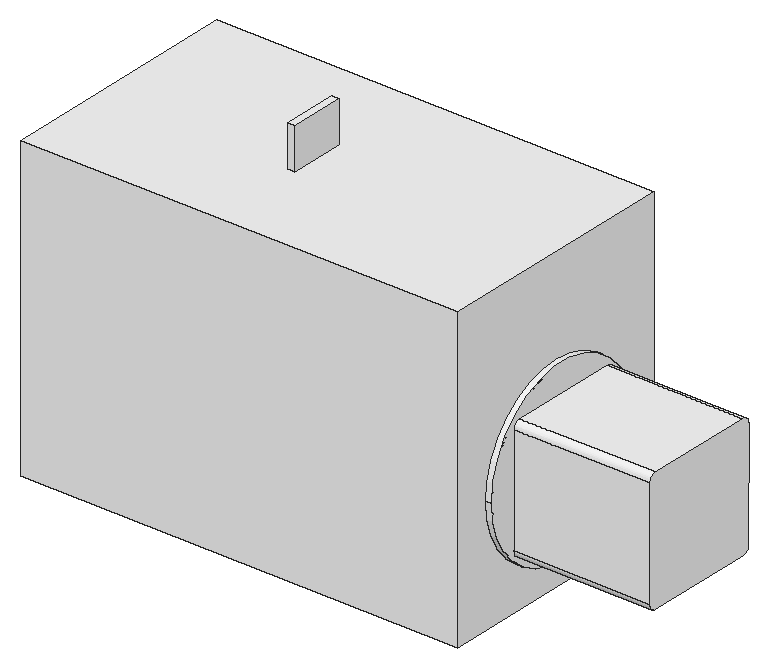
Revit family "Holocom-SDS Connector-2015", category Security Devices, host Face, Revit 2015
Parameters (values of type "SDS_Universal Connector")
  Universal Connector = yes
  URL = "www.holocom.com"
  Run End = no
  Product Page URL = "http://www.holocom.com/pdfs/Product%20files/Secure%20Raceway/SDS-CT-UNI.pdf"
  Product Notes = ""
  Offset 8" = no
  Offset 4" = no
  Material = Holocom_WhiteTextured
  Interface Sleeve = no
  3-way = no
  3-way Reducing = no
  Offset = 0' - 1"
  Model = "SDS-CT-UNI"
  Manufacturer = "Holocom"  # constant formula
  3-way Internal = no
  Interface Sleeve 90 = no
  Default Elevation = 4' - 0"
  90 Deg Internal = no
  90 Deg = no
  45 Deg Internal = no
  45 Deg External = no
  3-way Run End = no
Types (14): name | Universal Connector | Run End | Product Page URL | Product Notes | Offset 8" | Offset 4" | Material | Interface Sleeve | 3-way | 3-way Reducing | Model | 3-way Internal | Interface Sleeve 90 | 90 Deg Internal | 90 Deg | 45 Deg Internal | 45 Deg External | 3-way Run End
  SDS_90 Deg Connector | no | no | "http://www.holocom.com/pdfs/Product%20files/Secure%20Raceway/SDS-CT-090.pdf" | "" | no | no | none | no | no | no | "SDS-CT-090" | no | no | no | yes | no | no | no
  SDS_3-way Reducing Connector | no | no | "http://www.holocom.com/pdfs/Product%20files/Secure%20Mini%20Dukt/SMD-CT-3WY.pdf" | "Connectection to MiniDukt" | no | no | none | no | no | yes | "SMD-CT-3WY" | no | no | no | no | no | no | no
  SDS_3-way Connector | no | no | "http://www.holocom.com/pdfs/Product%20files/Secure%20Raceway/SDS-CT-3WY.pdf" | "" | no | no | none | no | yes | no | "SDS-CT-3WY" | no | no | no | no | no | no | no
  SDS_3-way Internal Connector | no | no | "http://www.holocom.com/pdfs/Product%20files/Secure%20Raceway/SDS-CT-3IN.pdf" | "" | no | no | none | no | no | no | "SDS-CT-3IN" | yes | no | no | no | no | no | no
  SDS_3-way Run End Connector | no | no | "http://www.holocom.com/pdfs/Product%20files/Secure%20Mini%20Dukt/SMD-3WY-REC-LT-RT.pdf" | "Connection to MiniDukt" | no | no | none | no | no | no | "SMD-3WY-REC-LT-RT" | no | no | no | no | no | no | yes
  SDS_90 Deg Internal Connector | no | no | "http://www.holocom.com/pdfs/Product%20files/Secure%20Raceway/SDS-CT-90i.pdf" | "" | no | no | none | no | no | no | "SDS-CT-90i" | no | no | yes | no | no | no | no
  SDS_45 Deg External Connector | no | no | "http://www.holocom.com/pdfs/Product%20files/Secure%20Raceway/SDS-CT-45E.pdf" | "" | no | no | none | no | no | no | "SDS-CT-45e" | no | no | no | no | no | yes | no
  SDS_45 Deg Internal Connector | no | no | "http://www.holocom.com/pdfs/Product%20files/Secure%20Raceway/SDS-CT-45i.pdf" | "" | no | no | none | no | no | no | "SDS-CT-45i" | no | no | no | no | yes | no | no
  SDS_Interface Sleeve 90 | no | no | "http://www.holocom.com/pdfs/Product%20files/Secure%20Raceway/SDS-CT-INF-90.pdf" | "" | no | no | none | no | no | no | "SDS-CT-INF-90" | no | yes | no | no | no | no | no
  SDS_Offset 4" Connector | no | no | "http://www.holocom.com/pdfs/Product%20files/Secure%20Raceway/SDS-CT-OFF-04.pdf" | "" | no | yes | none | no | no | no | "SDS-CT-OFF-04" | no | no | no | no | no | no | no
  SDS_Offset 8" Connector | no | no | "http://www.holocom.com/pdfs/Product%20files/Secure%20Raceway/SDS-CT-OFF-08.pdf" | "" | yes | no | none | no | no | no | "SDS-CT-OFF-08" | no | no | no | no | no | no | no
  SDS_Run End Connector | no | yes | "http://www.holocom.com/pdfs/Product%20files/Secure%20Mini%20Dukt/SDS-WM-REC.pdf" | "" | no | no | none | no | no | no | "SDS-WM-REC" | no | no | no | no | no | no | no
  SDS_Interface Sleeve | no | no | "http://www.holocom.com/pdfs/Product%20files/Secure%20Raceway/SDS-CT-INF-ST.pdf" | "" | no | no | none | yes | no | no | "SDS-CT-INF-ST" | no | no | no | no | no | no | no
  SDS_Universal Connector | yes | no | "http://www.holocom.com/pdfs/Product%20files/Secure%20Raceway/SDS-CT-UNI.pdf" | "" | no | no | Holocom_WhiteTextured | no | no | no | "SDS-CT-UNI" | no | no | no | no | no | no | no
Reference planes (in)
  plane 1 "Center (Front/Back)": y = 0
  plane 2: z = 0
  plane 3 "Center (Left/Right)": x = 0.4599377
  plane 4: z = 1
Dimensions and locks (in)
  "Offset": plane 4 to plane 2
  aligned and locked: plane 2 to host face
  aligned and locked: level to host face
  aligned and locked: plane 4 to nested 1
  aligned and locked: plane 3 "Center (Left/Right)" to nested 8
  aligned and locked: plane 3 "Center (Left/Right)" to nested 5
  aligned and locked: plane 3 "Center (Left/Right)" to nested 6
  aligned and locked: plane 3 "Center (Left/Right)" to nested 11
  aligned and locked: nested 5 to plane 3 "Center (Left/Right)"
  aligned and locked: plane 3 "Center (Left/Right)" to nested 1
  aligned and locked: plane 3 "Center (Left/Right)" to nested 7
  aligned and locked: plane 3 "Center (Left/Right)" to nested 2
  aligned and locked: nested 10 to plane 3 "Center (Left/Right)"
  aligned and locked: plane 3 "Center (Left/Right)" to nested 3
  aligned and locked: plane 3 "Center (Left/Right)" to nested 9
  aligned and locked: plane 3 "Center (Left/Right)" to nested 12
  aligned and locked: plane 3 "Center (Left/Right)" to nested 4
  aligned and locked: nested 5 to plane 1 "Center (Front/Back)"
  aligned and locked: plane 1 "Center (Front/Back)" to nested 8
  aligned and locked: plane 1 "Center (Front/Back)" to nested 1
  aligned and locked: plane 1 "Center (Front/Back)" to nested 6
  aligned and locked: nested 11 to plane 1 "Center (Front/Back)"
  aligned and locked: plane 1 "Center (Front/Back)" to nested 7
  aligned and locked: plane 1 "Center (Front/Back)" to nested 2
  aligned and locked: plane 1 "Center (Front/Back)" to nested 10
  aligned and locked: plane 1 "Center (Front/Back)" to nested 4
  aligned and locked: plane 1 "Center (Front/Back)" to nested 3
  aligned and locked: nested 9 to plane 1 "Center (Front/Back)"
  aligned and locked: nested 12 to plane 1 "Center (Front/Back)"
  aligned and locked: nested 14 to plane 3 "Center (Left/Right)"
  aligned and locked: nested 14 to plane 1 "Center (Front/Back)"
  aligned and locked: plane 4 to nested 14
  aligned and locked: nested 13 to plane 3 "Center (Left/Right)"
  aligned and locked: nested 13 to plane 1 "Center (Front/Back)"
Automatic sketch dimensions
  host sketch curve to host sketch curve = 8' - 0"  (x2)
Nested families (in)
  nested 1: "SDS 90 Deg Connector" at (-5.4150623, 0, 0), visible <- "90 Deg", type "SDS 90 Deg Connector"
  nested 2: "SDS 3-way Reducing Connector" at (-3.5400623, 0, 0), visible <- "3-way Reducing", type "SDS 3-way Reducing Connector"
    with Offset 0' - 1"
  nested 3: "SDS 3-way Connector" at (-5.4150623, 0, 0), visible <- "3-way", type "SDS 3-way Connector"
  nested 4: "SDS 3-way Internal Connector" at (-5.4150623, 0, 0), visible <- "3-way Internal", type "SDS 3-way Internal Connector"
  nested 5: "SDS 45 Deg Connector" at (-5.5400623, -0.01, 0) x (-1, 0, 0) z (0, 0, 1), visible <- "45 Deg Internal", type "Internal Connector"
  nested 6: "SDS 90 Deg Internal Connector" at (-5.4384998, 0, 0), visible <- "90 Deg Internal", type "SDS 90 Deg Internal Connector"
    with Offset 0' - 1"
  nested 7: "SDS 3-way Run End Connector" at (-3.5400623, 0, 0), visible <- "3-way Run End", type "SDS 3-way Run End Connector"
    with MiniDukt Width 0' - 1 1/2"
  nested 8: "SDS Interface Sleeve 90" at (-4.0400623, 0, 0), visible <- "Interface Sleeve 90", type "SDS Interface Sleeve 90"
  nested 9: "SDS Offset Connector" at (-5.5400623, -0.01, 0) x (-1, 0, 0) z (0, 0, 1), visible <- "Offset 4"", type "4" OFFSET"
  nested 10: "SDS Run End Connector" at (-7.1416248, 0, 0), visible <- "Run End", type "SDS Run End Connector"
    with Offset 0' - 1"
  nested 11: "SDS 45 Deg Connector" at (-5.5400623, -0.01, 0) x (-1, 0, 0) z (0, 0, 1), visible <- "45 Deg External", type "External Connector"
  nested 12: "SDS Offset Connector" at (-5.5400623, -0.01, 0) x (-1, 0, 0) z (0, 0, 1), visible <- "Offset 8"", type "8" OFFSET"
  nested 13: "SDS Universal Connector" at (-2.1650623, 0, 0) x (0, 1, 0) z (0, 0, 1), visible <- "Universal Connector", type "Universal Connector"
    with Offset 0' - 1", Interface Sleeve Length 0' - 2 5/8", Interface Sleeve Front no
  nested 14: "SDS_Interface Sleeve" at (0.4599377, 0, 2.125) x (0, 0, -1) z (-1, 0, 0), visible <- "Interface Sleeve", type "SDS_Interface Sleeve"
    with Height 0' - 2 1/2"
Definition of nested family "SDS 90 Deg Connector"
  Parameters (values of type "SDS 90 Deg Connector")
    SDS - Depth = 0' - 2"
    SDS - Width = 0' - 2"
    Width = 0' - 7"
    Offset = 0' - 1"
    Material = none
    Height = 0' - 7"
    Default Elevation = 4' - 0"
  Reference planes (in)
    plane 1 "Center (Front/Back)": y = 0
    plane 2: z = 0
    plane 3 "Center (Left/Right)": x = 0
    plane 4: y = 1
    plane 5: y = -1
    plane 6: x = -1
    plane 7: x = 1
    plane 8: x = 5.875
    plane 9: y = -5.875
    plane 10: z = 3
    plane 11 "Back": z = 1
  Forms (in)
    Extrusion 1, solid
      sketch origin (0, 0, 0) x (1, 0, 0) y (0, 1, 0)
        loop
          line (-48, 48) -> (-48, -48) -> (48, -48) -> (48, 48) -> (-48, 48)
      from 0 to -12
    Extrusion 2, solid, material <- "Material"
      sketch origin (0, 0, 1) x (0, 1, 0) y (-1, 0, 0)
        loop
          line (1, 1) -> (-5.875, 1) -> (-5.875, -1) -> (-3.4502533, -1)
          arc (-3.4502533, -1) -> (-1.8307706, -1.8776471) -> (-1, -3.5216692) r 3.0853035
          line (-1, -3.5216692) -> (-1, -5.875) -> (1, -5.875) -> (1, 1)
      from 0 to 2
  Lines and regions (in)
    reference lines
      curve 1: line (0, 0, 1) -> (5.875, 0, 1)
      curve 2: line (0, 0, 1) -> (0, -5.875, 1)
      curve 3: line (-1.5, -5.875, 1) -> (1.5, -5.875, 1)
      curve 4: line (5.875, 1.5, 1) -> (5.875, -1.5, 1)
  Dimensions and locks (in)
    "SDS - Width": plane 6 to plane 7
    "SDS - Width": plane 4 to plane 5
    equal spacing: plane 4, plane 1 "Center (Front/Back)", plane 5
    equal spacing: plane 6, plane 3 "Center (Left/Right)", plane 7
    "SDS - Depth": plane 10 to plane 11 "Back"
    "Offset": plane 11 "Back" to plane 2
    aligned and locked: plane 2 to Extrusion 1
    aligned and locked: level to Extrusion 1
    aligned and locked: Extrusion 2 sketch curve to plane 8
    aligned and locked: Extrusion 2 to plane 10
    aligned and locked: curve 2 to plane 3 "Center (Left/Right)"
    aligned and locked: plane 1 "Center (Front/Back)" to curve 1
    aligned and locked: plane 9 to Extrusion 2 sketch curve
    aligned and locked: Extrusion 2 to plane 11 "Back"
    aligned and locked: plane 4 to Extrusion 2
    aligned and locked: Extrusion 2 to plane 6
    aligned and locked: plane 7 to Extrusion 2
    aligned and locked: Extrusion 2 to plane 5
    aligned and locked: curve 3 to plane 9
    aligned and locked: curve 4 to plane 8
  Automatic sketch dimensions
    Extrusion 1 sketch curve to Extrusion 1 sketch curve = 8' - 0"  (x2)
    plane 7 to Extrusion 2 sketch curve = 0' - 0"
    plane 9 to Extrusion 2 sketch curve = 0' - 1.83148"
    Extrusion 2 sketch curve to plane 5 = 0' - 2.45025"
    Extrusion 2 sketch curve to Extrusion 2 sketch curve = 0' - 3.02773"
    plane 1 "Center (Front/Back)" to Extrusion 2 sketch curve = 0' - 1"
    plane 4 to Extrusion 2 sketch curve = 0' - 0"
    Extrusion 2 sketch curve to plane 6 = 0' - 0"
    plane 7 to curve 3 = 0' - 0 1/2"
    curve 3 to plane 6 = 0' - 0 1/2"
    curve 4 to plane 5 = 0' - 0 1/2"
    plane 4 to curve 4 = 0' - 0 1/2"
Definition of nested family "SDS 3-way Reducing Connector"
  Parameters (values of type "SDS 3-way Reducing Connector")
    MiniDukt Width = 0' - 1 1/2"
    SDS Width = 0' - 2"
    Width = 0' - 8"
    Offset = 0' - 1 1/2"
    SDS Depth = 0' - 2"
    MiniDukt Depth = 0' - 0 3/4"
    Material = none
    Height = 0' - 4"
    Default Elevation = 4' - 0"
  Reference planes (in)
    plane 1 "Center (Front/Back)": y = 0
    plane 2: z = 0
    plane 3 "Center (Left/Right)": x = 0
    plane 4: y = 1
    plane 5: y = -1
    plane 6: x = -0.75
    plane 7: x = 0.75
    plane 8: x = 4
    plane 9 "Left": x = -4
    plane 10: y = -3
    plane 11 "Back": z = 1.5
    plane 12: z = 2.25
    plane 13: z = 3.5
  Forms (in)
    Extrusion 1, solid
      sketch origin (0, 0, 0) x (1, 0, 0) y (0, 1, 0)
        loop
          line (-48, 48) -> (-48, -48) -> (48, -48) -> (48, 48) -> (-48, 48)
      from 0 to -12
    Extrusion 2, solid, material <- "Material"
      sketch origin (0, 0, 0) x (1, 0, 0) y (0, 1, 0)
        loop
          line (-0.75, -3) -> (0.75, -3) -> (0.75, -1) -> (-0.75, -1) -> (-0.75, -3)
      from 1.5 to 2.25
    Extrusion 3, solid, material <- "Material"
      sketch origin (-4, 0, 0) x (0, 1, 0) y (0, 0, 1)
        loop
          line (1, 1.5) -> (1, 3.375)
          arc (1, 3.375) -> (0.9633883, 3.4633883) -> (0.875, 3.5) r 0.125
          line (0.875, 3.5) -> (-0.875, 3.5)
          arc (-0.875, 3.5) -> (-0.9633883, 3.4633883) -> (-1, 3.375) r 0.125
          line (-1, 3.375) -> (-1, 1.5) -> (1, 1.5)
      from 0 to 8
  Lines and regions (in)
    reference lines
      curve 1: line (-4, 0, 1.5) -> (4, 0, 1.5)
      curve 2: line (0, 0, 1.5) -> (0, -3, 1.5)
      curve 3: line (-1.25, -3, 1.5) -> (1.25, -3, 1.5)
      curve 4: line (-4, 1.7486969, 1.5) -> (-4, -2.0013031, 1.5)
      curve 5: line (4, 1.7486969, 1.5) -> (4, -2.0013031, 1.5)
  Dimensions and locks (in)
    "MiniDukt Width": plane 6 to plane 7
    "SDS Width": plane 4 to plane 5
    equal spacing: plane 4, plane 1 "Center (Front/Back)", plane 5
    equal spacing: plane 6, plane 3 "Center (Left/Right)", plane 7
    "Width": plane 9 "Left" to plane 8
    "Height": plane 4 to plane 10
    equal spacing: plane 9 "Left", plane 3 "Center (Left/Right)", plane 8
    "MiniDukt Depth": plane 12 to plane 11 "Back"
    "Offset": plane 11 "Back" to plane 2
    "SDS Depth": plane 13 to plane 11 "Back"
    aligned and locked: plane 2 to Extrusion 1
    aligned and locked: level to Extrusion 1
    aligned and locked: Extrusion 2 sketch curve to plane 10
    aligned and locked: Extrusion 2 sketch curve to plane 6
    aligned and locked: plane 5 to Extrusion 2 sketch curve
    aligned and locked: plane 7 to Extrusion 2 sketch curve
    aligned and locked: Extrusion 2 to plane 11 "Back"
    aligned and locked: plane 12 to Extrusion 2
    aligned and locked: curve 2 to plane 3 "Center (Left/Right)"
    aligned and locked: plane 1 "Center (Front/Back)" to curve 1
    aligned and locked: plane 11 "Back" to Extrusion 3 sketch curve
    aligned and locked: Extrusion 3 sketch curve to plane 4
    aligned and locked: Extrusion 3 sketch curve to plane 13
    aligned and locked: plane 5 to Extrusion 3 sketch curve
    aligned and locked: plane 8 to Extrusion 3
    aligned and locked: Extrusion 3 to plane 9 "Left"
    aligned and locked: curve 3 to plane 10
    aligned and locked: curve 4 to plane 9 "Left"
    aligned and locked: curve 5 to plane 8
  Automatic sketch dimensions
    Extrusion 1 sketch curve to Extrusion 1 sketch curve = 8' - 0"  (x2)
    plane 5 to Extrusion 3 sketch curve = 0' - 0 1/8"
    Extrusion 3 sketch curve to plane 4 = 0' - 0 1/8"
    plane 10 to curve 5 = 0' - 0.9987"
    plane 10 to curve 4 = 0' - 0.9987"
    plane 4 to curve 5 = 0' - 0.7487"
    plane 4 to curve 4 = 0' - 0.7487"
    plane 7 to curve 3 = 0' - 0 1/2"
    curve 3 to plane 6 = 0' - 0 1/2"
Definition of nested family "SDS 3-way Connector"
  Parameters (values of type "SDS 3-way Connector")
    SDS Depth = 0' - 2"
    SDS Width = 0' - 2"
    Width = 0' - 7"
    Offset = 0' - 1"
    Material = none
    Height = 0' - 7"
    Default Elevation = 4' - 0"
  Reference planes (in)
    plane 1 "Center (Front/Back)": y = 0
    plane 2: z = 0
    plane 3 "Center (Left/Right)": x = 0
    plane 4: y = 1
    plane 5: y = -1
    plane 6: x = -1
    plane 7: x = 1
    plane 8: x = 5.875
    plane 9: y = -5.875
    plane 10: z = 3
    plane 11 "Back": z = 1
    plane 12: x = -5.875
  Forms (in)
    Extrusion 1, solid
      sketch origin (0, 0, 0) x (1, 0, 0) y (0, 1, 0)
        loop
          line (-48, 48) -> (-48, -48) -> (48, -48) -> (48, 48) -> (-48, 48)
      from 0 to -12
    Extrusion 2, solid, material <- "Material"
      sketch origin (0, 0, 1) x (0, 1, 0) y (-1, 0, 0)
        loop
          line (1, 5.875) -> (-1, 5.875) -> (-1, 3.5216692)
          arc (-1, 3.5216692) -> (-1.8307706, 1.8776471) -> (-3.4502533, 1) r 3.0853035
          line (-3.4502533, 1) -> (-5.875, 1) -> (-5.875, -1) -> (-3.4502533, -1)
          arc (-3.4502533, -1) -> (-1.8307706, -1.8776471) -> (-1, -3.5216692) r 3.0853035
          line (-1, -3.5216692) -> (-1, -5.875) -> (1, -5.875) -> (1, 5.875)
      from 0 to 2
  Lines and regions (in)
    reference lines
      curve 1: line (-5.875, 0, 1) -> (5.875, 0, 1)
      curve 2: line (0, 0, 1) -> (0, -5.875, 1)
      curve 3: line (-1.8125, -5.875, 1) -> (1.6875, -5.875, 1)
      curve 4: line (-5.875, 1.75, 1) -> (-5.875, -1.75, 1)
      curve 5: line (5.875, 1.75, 1) -> (5.875, -1.75, 1)
  Dimensions and locks (in)
    "SDS Width": plane 6 to plane 7
    "SDS Width": plane 4 to plane 5
    equal spacing: plane 4, plane 1 "Center (Front/Back)", plane 5
    equal spacing: plane 6, plane 3 "Center (Left/Right)", plane 7
    "SDS Depth": plane 10 to plane 11 "Back"
    "Offset": plane 11 "Back" to plane 2
    equal spacing: plane 12, plane 3 "Center (Left/Right)", plane 8
    aligned and locked: plane 2 to Extrusion 1
    aligned and locked: level to Extrusion 1
    aligned and locked: Extrusion 2 sketch curve to plane 8
    aligned and locked: Extrusion 2 to plane 10
    aligned and locked: curve 2 to plane 3 "Center (Left/Right)"
    aligned and locked: plane 1 "Center (Front/Back)" to curve 1
    aligned and locked: plane 9 to Extrusion 2 sketch curve
    aligned and locked: Extrusion 2 to plane 11 "Back"
    aligned and locked: plane 4 to Extrusion 2
    aligned and locked: Extrusion 2 to plane 6
    aligned and locked: plane 7 to Extrusion 2
    aligned and locked: Extrusion 2 to plane 5
    aligned and locked: curve 3 to plane 9
    aligned and locked: plane 12 to curve 1
    aligned and locked: curve 5 to plane 8
    aligned and locked: curve 4 to plane 12
  Automatic sketch dimensions
    Extrusion 1 sketch curve to Extrusion 1 sketch curve = 8' - 0"  (x2)
    Extrusion 2 sketch curve to plane 6 = 0' - 0"
    Extrusion 2 sketch curve to plane 7 = 0' - 0"
    Extrusion 2 sketch curve to plane 5 = 0' - 0"  (x2)
    Extrusion 2 sketch curve to plane 4 = 0' - 0"
    Extrusion 2 sketch curve to plane 12 = 0' - 0"
    plane 9 to Extrusion 2 sketch curve = 0' - 1.83148"  (x2)
    Extrusion 2 sketch curve to Extrusion 2 sketch curve = 0' - 2.42475"
    Extrusion 2 sketch curve to Extrusion 2 sketch curve = 0' - 0"
    Extrusion 2 sketch curve to Extrusion 2 sketch curve = 0' - 3.02773"
    plane 12 to Extrusion 2 sketch curve = 0' - 2.35333"
    curve 5 to plane 5 = 0' - 0 3/4"
    curve 4 to plane 5 = 0' - 0 3/4"
    plane 4 to curve 5 = 0' - 0 3/4"
    plane 4 to curve 4 = 0' - 0 3/4"
    plane 7 to curve 3 = 0' - 0 11/16"
    curve 3 to plane 6 = 0' - 0 13/16"
Definition of nested family "SDS 3-way Internal Connector"
  Parameters (values of type "SDS 3-way Internal Connector")
    SDS Depth = 0' - 2"
    SDS Width = 0' - 2"
    Width = 0' - 7"
    Offset = 0' - 1"
    Material = none
    Height = 0' - 7"
    Default Elevation = 4' - 0"
  Reference planes (in)
    plane 1 "Center (Front/Back)": y = 0
    plane 2: z = 0
    plane 3 "Center (Left/Right)": x = 0
    plane 4: y = 1
    plane 5 "Bottom": y = -1
    plane 6: x = -1
    plane 7: x = 1
    plane 8: x = 5.875
    plane 9: y = -5.875
    plane 10: z = 3
    plane 11 "Back": z = 1
    plane 12: x = -5.875
  Forms (in)
    Extrusion 1, solid
      sketch origin (0, 0, 0) x (1, 0, 0) y (0, 1, 0)
        loop
          line (-48, 48) -> (-48, -48) -> (48, -48) -> (48, 48) -> (-48, 48)
      from 0 to -12
    Extrusion 2, solid, material <- "Material"
      sketch origin (0.25, 5.3125, 2) x (0, 0, -1) y (-1, 0, 0)
        loop
          line (1, 6.125) -> (-1, 6.125) -> (-1, 3.5216692)
          arc (-1, 3.5216692) -> (-1.899534, 2.034646) -> (-3.4502533, 1.25) r 3.1534845
          line (-3.4502533, 1.25) -> (-5.875, 1.25) -> (-5.875, -0.75) -> (-3.4502533, -0.75)
          arc (-3.4502533, -0.75) -> (-1.8307706, -1.6276471) -> (-1, -3.2716692) r 3.0853035
          line (-1, -3.2716692) -> (-1, -5.625) -> (1, -5.625) -> (1, 6.125)
      from -6.3125 to -4.3125
  Lines and regions (in)
    reference lines
      curve 1: line (-5.875, 0, 1) -> (5.875, 0, 1)
      curve 2: line (0, 1.75, 1) -> (0, -1.75, 1)
      curve 3: line (-5.875, 1.75, 1) -> (-5.875, -1.75, 1)
      curve 4: line (5.875, 1.75, 1) -> (5.875, -1.75, 1)
  Dimensions and locks (in)
    "SDS Depth": plane 6 to plane 7
    "SDS Depth": plane 4 to plane 5 "Bottom"
    equal spacing: plane 4, plane 1 "Center (Front/Back)", plane 5 "Bottom"
    equal spacing: plane 6, plane 3 "Center (Left/Right)", plane 7
    "SDS Width": plane 10 to plane 11 "Back"
    "Offset": plane 11 "Back" to plane 2
    equal spacing: plane 12, plane 3 "Center (Left/Right)", plane 8
    aligned and locked: plane 2 to Extrusion 1
    aligned and locked: level to Extrusion 1
    aligned and locked: Extrusion 2 sketch curve to plane 8
    aligned and locked: curve 2 to plane 3 "Center (Left/Right)"
    aligned and locked: plane 1 "Center (Front/Back)" to curve 1
    aligned and locked: Extrusion 2 to plane 6  (x2)
    aligned and locked: plane 7 to Extrusion 2  (x2)
    aligned and locked: plane 12 to curve 1
    aligned and locked: curve 4 to plane 8
    aligned and locked: curve 3 to plane 12
    aligned and locked: Extrusion 2 to plane 11 "Back"
    aligned and locked: plane 8 to Extrusion 2
    aligned and locked: Extrusion 2 to plane 12
    aligned and locked: plane 4 to Extrusion 2
    aligned and locked: Extrusion 2 to plane 5 "Bottom"
  Automatic sketch dimensions
    Extrusion 1 sketch curve to Extrusion 1 sketch curve = 8' - 0"  (x2)
    Extrusion 2 sketch curve to plane 6 = 0' - 0"
    Extrusion 2 sketch curve to plane 7 = 0' - 0"
    plane 10 to Extrusion 2 sketch curve = 0' - 4 7/8"
    plane 10 to Extrusion 2 sketch curve = 0' - 3.04352"  (x2)
    plane 10 to Extrusion 2 sketch curve = 0' - 2.45025"  (x2)
    plane 11 "Back" to Extrusion 2 sketch curve = 0' - 2"  (x2)
    level to Extrusion 2 sketch curve = 0' - 1"
    Extrusion 2 sketch curve to Extrusion 2 sketch curve = 0' - 3.02773"
    Extrusion 2 sketch curve to plane 3 "Center (Left/Right)" = 0' - 3.27167"
    plane 12 to Extrusion 2 sketch curve = 0' - 0"
    curve 2 to plane 5 "Bottom" = 0' - 0 3/4"
    curve 3 to plane 5 "Bottom" = 0' - 0 3/4"
    plane 4 to curve 3 = 0' - 0 3/4"
    plane 4 to curve 2 = 0' - 0 3/4"
    curve 4 to plane 5 "Bottom" = 0' - 0 3/4"
    plane 4 to curve 4 = 0' - 0 3/4"
Definition of nested family "SDS 45 Deg Connector"
  Parameters (values of type "External Connector")
    SDS Width = 0' - 2"
    URL = "www.holocom.com"
    Offset = 0' - 1"
    Internal = no
    Height = 0' - 4 77/256"
    Model = "SDS-CT-45e"
    Material = none
    Manufacturer = "Holocom"
    Width = 0' - 7 51/128"
    External = yes
    Default Elevation = 4' - 0"
  Types (2): name | Internal | Height | Model | Width | External
    Internal Connector | yes | 0' - 3 205/256" | "SDS-CT-45i" | 0' - 5 205/256" | no
    External Connector | no | 0' - 4 77/256" | "SDS-CT-45e" | 0' - 7 51/128" | yes
  Reference planes (in)
    plane 1 "Center (Front/Back)": y = 0.01
    plane 2: z = 0
    plane 3 "Top": y = 1.01
    plane 4: y = -0.99
    plane 5: z = 2
    plane 6 "Connector Left": x = -6
    plane 7 "Connector Right": x = 1.3984375
    plane 8 "Back": z = 1
    plane 9: y = 3.3107812
    plane 10: through (5.3501933, 7.6609745, 48) normal (0.7071, -0.7071, 0)
    plane 11: y = -2.99
    plane 12: x = -2.3007813
  Forms (in)
    Extrusion 1, solid
      sketch origin (0, 0, 0) x (1, 0, 0) y (0, 1, 0)
        loop
          line (-48, 48) -> (-48, -48) -> (62.1808665, -48) -> (62.1808665, 48) -> (-48, 48)
      from 0 to -12
    Sweep 2, solid, material <- "Material", visible <- "Internal"
      path origin (0, 0, 0) x (1, 0, 0) y (0, 1, 0)
        loop
          line (-6, 0.01) -> (-2.3007812, 0.01) -> (0.8630381, 3.1738193)
      profile origin (-4.1503906, 0.01, 0) x (0, 1, 0) y (0, 0, 1)
        loop
          arc (-0.875, 3) -> (-0.9633883, 2.9633883) -> (-1, 2.875) r 0.125
          line (-1, 2.875) -> (-1, 1.125)
          arc (-1, 1.125) -> (-0.9633883, 1.0366117) -> (-0.875, 1) r 0.125
          line (-0.875, 1) -> (0.875, 1)
          arc (0.875, 1) -> (0.9633883, 1.0366117) -> (1, 1.125) r 0.125
          line (1, 1.125) -> (1, 2.875)
          arc (1, 2.875) -> (0.9633883, 2.9633883) -> (0.875, 3) r 0.125
          line (0.875, 3) -> (-0.875, 3)
    Sweep 3, solid, material <- "Material", visible <- "External"
      path origin (0, 0.02, 0) x (1, 0, 0) y (0, -1, 0)
        loop
          line (-6, 0.01) -> (-2.3007812, 0.01) -> (0.8630381, 2.1313203)
      profile origin (-4.1503906, 0.01, 0) x (0, 1, 0) y (0, 0, 1)
        loop
          line (0.875, 3) -> (-0.875, 3)
          arc (-0.875, 3) -> (-0.9633883, 2.9633883) -> (-1, 2.875) r 0.125
          line (-1, 2.875) -> (-1, 1.125)
          arc (-1, 1.125) -> (-0.9633883, 1.0366117) -> (-0.875, 1) r 0.125
          line (-0.875, 1) -> (0.875, 1)
          arc (0.875, 1) -> (0.9633883, 1.0366117) -> (1, 1.125) r 0.125
          line (1, 1.125) -> (1, 2.875)
          arc (1, 2.875) -> (0.9633883, 2.9633883) -> (0.875, 3) r 0.125
  Lines and regions (in)
    reference lines
      curve 1: line (-6, 3.51, 1) -> (-6, -2.99, 1)
  Dimensions and locks (in)
    equal spacing: plane 3 "Top", plane 1 "Center (Front/Back)", plane 4
    "Width": plane 6 "Connector Left" to plane 7 "Connector Right"
    "Offset": plane 8 "Back" to plane 2
    "Height": plane 9 to plane 4
    equal spacing: plane 6 "Connector Left", plane 12, plane 7 "Connector Right"
    locked: plane 10 to plane 12 (angle 45.00°)
    aligned and locked: plane 2 to Extrusion 1
    aligned and locked: level to Extrusion 1
    aligned and locked: curve 1 to plane 6 "Connector Left"
    aligned and locked: plane 10 to Sweep 2 sketch curve
    aligned and locked: plane 12 to Sweep 3 sketch curve
    aligned and locked: curve 1 to plane 8 "Back"
    aligned and locked: Sweep 3 to plane 8 "Back"
    aligned and locked: Sweep 2 to plane 8 "Back"
  Automatic sketch dimensions
    Extrusion 1 sketch curve to Extrusion 1 sketch curve = 9' - 2.18087"
    Extrusion 1 sketch curve to Extrusion 1 sketch curve = 8' - 0"
    plane 4 to curve 1 = 0' - 2"
    plane 9 to curve 1 = 0' - 0 51/256"
    plane 1 "Center (Front/Back)" to Sweep 2 sketch curve = 0' - 0"
    Sweep 2 sketch curve to plane 6 "Connector Left" = 0' - 0"
    Sweep 2 sketch curve to plane 7 "Connector Right" = 0' - 0.5354"
    profile plane to Sweep 2 sketch curve = 0' - 1"
    Sweep 2 sketch curve to Sweep 2 sketch curve = 0' - 0 1/8"  (x3)
    Sweep 2 sketch curve to profile plane = 0' - 0 7/8"  (x2)
    level to Sweep 2 sketch curve = 0' - 1"
    Sweep 2 sketch curve to Sweep 2 sketch curve = 0' - 1 3/4"
    profile plane to Sweep 3 sketch curve = 0' - 1"
    Sweep 3 sketch curve to Sweep 3 sketch curve = 0' - 0 1/8"  (x3)
    Sweep 3 sketch curve to profile plane = 0' - 0 7/8"  (x2)
    level to Sweep 3 sketch curve = 0' - 1"
    Sweep 3 sketch curve to Sweep 3 sketch curve = 0' - 1 3/4"
    Sweep 3 sketch curve to plane 6 "Connector Left" = 0' - 0"
    plane 1 "Center (Front/Back)" to Sweep 3 sketch curve = 0' - 0"
    plane 7 "Connector Right" to Sweep 3 sketch curve = 0' - 0.5354"
    Sweep 3 sketch curve to plane 11 = 0' - 0.87868"
Definition of nested family "SDS 90 Deg Internal Connector"
  Parameters (values of type "SDS 90 Deg Internal Connector")
    Width = 0' - 6 115/128"
    SDS Width = 0' - 2"
    SDS Depth = 0' - 2"
    Offset = 0' - 1 1/2"
    Material = none
    Depth = 0' - 6 115/128"
    Default Elevation = 4' - 0"
  Reference planes (in)
    plane 1 "Center (Front/Back)": y = 0
    plane 2: z = 0
    plane 3 "Center (Left/Right)": x = 0
    plane 4 "Top": y = 1
    plane 5: y = -1
    plane 6: x = -1
    plane 7: x = 1
    plane 8: x = 5.8984375
    plane 9: z = 3.5
    plane 10 "Back": z = 1.5
    plane 11: z = 2.5
    plane 12: z = 8.3984375
  Forms (in)
    Extrusion 1, solid
      sketch origin (0, 0, 0) x (1, 0, 0) y (0, 1, 0)
        loop
          line (-48, 48) -> (-48, -48) -> (48, -48) -> (48, 48) -> (-48, 48)
      from 0 to -12
    Extrusion 2, solid, material <- "Material"
      sketch origin (0, -1, 2) x (0, 0, -1) y (-1, 0, 0)
        loop
          line (0.5, 1) -> (-6.375, 1) -> (-6.375, -1) -> (-3.9502533, -1)
          arc (-3.9502533, -1) -> (-2.3501566, -1.8216043) -> (-1.5, -3.4067153) r 3.0230878
          line (-1.5, -3.4067153) -> (-1.5, -5.8984375) -> (0.5, -5.8984375) -> (0.5, 1)
      from 0 to 2
  Lines and regions (in)
    reference lines
      curve 1: line (0, 0, 1.5) -> (5.8984375, 0, 1.5)
      curve 2: line (5.8984375, 1.5, 1.5) -> (5.8984375, -1.5, 1.5)
  Dimensions and locks (in)
    "SDS Width": plane 6 to plane 7
    "SDS Depth": plane 4 "Top" to plane 5
    equal spacing: plane 4 "Top", plane 1 "Center (Front/Back)", plane 5
    equal spacing: plane 6, plane 3 "Center (Left/Right)", plane 7
    "Offset": plane 10 "Back" to plane 2
    equal spacing: plane 9, plane 11, plane 10 "Back"
    "Depth": plane 10 "Back" to plane 12
    "Width": plane 8 to plane 6
    "SDS Depth": plane 9 to plane 10 "Back"
    aligned and locked: plane 2 to Extrusion 1
    aligned and locked: level to Extrusion 1
    aligned and locked: Extrusion 2 sketch curve to plane 8
    aligned and locked: plane 1 "Center (Front/Back)" to curve 1
    aligned and locked: Extrusion 2 to plane 6
    aligned and locked: plane 7 to Extrusion 2
    aligned and locked: curve 2 to plane 8
    aligned and locked: plane 4 "Top" to Extrusion 2
    aligned and locked: Extrusion 2 to plane 5
    aligned and locked: plane 8 to Extrusion 2
    aligned and locked: Extrusion 2 to plane 10 "Back"
  Automatic sketch dimensions
    Extrusion 1 sketch curve to Extrusion 1 sketch curve = 8' - 0"  (x2)
    Extrusion 2 sketch curve to plane 7 = 0' - 0"
    Extrusion 2 sketch curve to plane 6 = 0' - 0"
    Extrusion 2 sketch curve to plane 9 = 0' - 0"
    plane 10 "Back" to Extrusion 2 sketch curve = 0' - 0"
    plane 9 to Extrusion 2 sketch curve = 0' - 2.45025"
    Extrusion 2 sketch curve to plane 8 = 0' - 1.92011"
    Extrusion 2 sketch curve to Extrusion 2 sketch curve = 0' - 2.96856"
    Extrusion 2 sketch curve to Extrusion 2 sketch curve = 0' - 2.42475"
    curve 1 to plane 3 "Center (Left/Right)" = 0' - 0"
    curve 2 to plane 5 = 0' - 0 1/2"
    plane 4 "Top" to curve 2 = 0' - 0 1/2"
Definition of nested family "SDS 3-way Run End Connector"
  Parameters (values of type "SDS 3-way Run End Connector")
    MiniDukt Width = 0' - 1 3/4"
    SDS Width = 0' - 2"
    Width = 0' - 8"
    Offset = 0' - 1"
    SDS Depth = 0' - 2"
    MiniDukt Depth = 0' - 0 3/4"
    Material = none
    Height = 0' - 4"
    Default Elevation = 4' - 0"
  Reference planes (in)
    plane 1 "Center (Front/Back)": y = 0
    plane 2: z = 0
    plane 3 "Center (Left/Right)": x = 0
    plane 4: y = 1
    plane 5: y = -1
    plane 6: x = -0.875
    plane 7: x = 0.875
    plane 8: x = 4
    plane 9 "Left": x = -4
    plane 10: y = -3
    plane 11 "Back": z = 1
    plane 12: z = 1.75
    plane 13: z = 3
    plane 14: x = -6
  Forms (in)
    Extrusion 1, solid
      sketch origin (0, 0, 0) x (1, 0, 0) y (0, 1, 0)
        loop
          line (-48, 48) -> (-48, -48) -> (48, -48) -> (48, 48) -> (-48, 48)
      from 0 to -12
    Extrusion 2, solid, material <- "Material"
      sketch origin (0, 0, 0) x (1, 0, 0) y (0, 1, 0)
        loop
          line (-0.875, -3) -> (0.875, -3) -> (0.875, -1) -> (-0.875, -1) -> (-0.875, -3)
      from 1 to 1.75
    Extrusion 3, solid, material <- "Material"
      sketch origin (-4, 0, 0) x (0, 1, 0) y (0, 0, 1)
        loop
          line (1, 1) -> (1, 2.875)
          arc (1, 2.875) -> (0.9633883, 2.9633883) -> (0.875, 3) r 0.125
          line (0.875, 3) -> (-0.875, 3)
          arc (-0.875, 3) -> (-0.9633883, 2.9633883) -> (-1, 2.875) r 0.125
          line (-1, 2.875) -> (-1, 1) -> (1, 1)
      from 0 to 8
    Extrusion 4, solid, material <- "Material"
      sketch origin (-4, 0, 0) x (0, 1, 0) y (0, 0, 1)
        loop
          line (1, 1) -> (1, 3) -> (-1, 3) -> (-1, 1) -> (1, 1)
      from -2 to 0
  Lines and regions (in)
    reference lines
      curve 1: line (-4, 0, 1) -> (4, 0, 1)
      curve 2: line (0, 0, 1) -> (0, -3, 1)
      curve 3: line (-1.375, -3, 1) -> (1.375, -3, 1)
      curve 4: line (4, 1.7486969, 1) -> (4, -2.0013031, 1)
  Dimensions and locks (in)
    "MiniDukt Width": plane 6 to plane 7
    "SDS Width": plane 4 to plane 5
    equal spacing: plane 4, plane 1 "Center (Front/Back)", plane 5
    equal spacing: plane 6, plane 3 "Center (Left/Right)", plane 7
    "Width": plane 9 "Left" to plane 8
    "Height": plane 4 to plane 10
    equal spacing: plane 9 "Left", plane 3 "Center (Left/Right)", plane 8
    "MiniDukt Depth": plane 12 to plane 11 "Back"
    "Offset": plane 11 "Back" to plane 2
    "SDS Depth": plane 13 to plane 11 "Back"
    plane 14 to plane 9 "Left" = 0' - 2"
    aligned and locked: plane 2 to Extrusion 1
    aligned and locked: level to Extrusion 1
    aligned and locked: Extrusion 2 sketch curve to plane 10
    aligned and locked: Extrusion 2 sketch curve to plane 6
    aligned and locked: plane 5 to Extrusion 2 sketch curve
    aligned and locked: plane 7 to Extrusion 2 sketch curve
    aligned and locked: Extrusion 2 to plane 11 "Back"
    aligned and locked: plane 12 to Extrusion 2
    aligned and locked: curve 2 to plane 3 "Center (Left/Right)"
    aligned and locked: plane 1 "Center (Front/Back)" to curve 1
    aligned and locked: plane 11 "Back" to Extrusion 3 sketch curve
    aligned and locked: Extrusion 3 sketch curve to plane 4
    aligned and locked: Extrusion 3 sketch curve to plane 13
    aligned and locked: plane 5 to Extrusion 3 sketch curve
    aligned and locked: plane 8 to Extrusion 3
    aligned and locked: Extrusion 3 to plane 9 "Left"
    aligned and locked: curve 3 to plane 10
    aligned and locked: curve 4 to plane 8
    aligned and locked: plane 9 "Left" to Extrusion 4
    aligned and locked: Extrusion 4 to plane 14
  Automatic sketch dimensions
    Extrusion 1 sketch curve to Extrusion 1 sketch curve = 8' - 0"  (x2)
    plane 5 to Extrusion 3 sketch curve = 0' - 0 1/8"
    Extrusion 3 sketch curve to plane 4 = 0' - 0 1/8"
    plane 10 to curve 4 = 0' - 0.9987"
    plane 4 to curve 4 = 0' - 0.7487"
    plane 7 to curve 3 = 0' - 0 1/2"
    curve 3 to plane 6 = 0' - 0 1/2"
    Extrusion 4 sketch curve to plane 4 = 0' - 0"
    Extrusion 4 sketch curve to plane 11 "Back" = 0' - 0"
    Extrusion 4 sketch curve to plane 13 = 0' - 0"
    plane 5 to Extrusion 4 sketch curve = 0' - 0"
    curve 1 to plane 9 "Left" = 0' - 0"
Definition of nested family "SDS Interface Sleeve 90"
  Parameters (values of type "SDS Interface Sleeve 90")
    SDS Width = 0' - 2 1/4"
    Width = 0' - 5 1/2"
    Offset = 0' - 1"
    SDS Depth = 0' - 2"
    Material = none
    Default Elevation = 4' - 0"
  Reference planes (in)
    plane 1 "Center (Front/Back)": y = 0
    plane 2: z = 0
    plane 3 "Center (Left/Right)": x = 0
    plane 4 "Top": y = 1.125
    plane 5 "Bottom": y = -1.125
    plane 6: x = 4.5
    plane 7: z = 1
    plane 8: z = 3
    plane 9: x = -1
    plane 10: x = 1
  Forms (in)
    Extrusion 1, solid
      sketch origin (0, 0, 0) x (1, 0, 0) y (0, 1, 0)
        loop
          line (-48, 48) -> (-48, -48) -> (48, -48) -> (48, 48) -> (-48, 48)
      from 0 to -12
    Extrusion 2, solid, material <- "Material"
      sketch origin (-2.3608852, 0, 0) x (1, 0, 0) y (0, 1, 0)
        loop
          circle (2.3608852, 0) r 0.8007813
      from 0 to 0.125
    Extrusion 3, solid, material <- "Material"
      sketch origin (0, -1.125, 0) x (-1, 0, 0) y (0, 0, 1)
        loop
          line (-4.5, 1) -> (-1.1461278, 1) -> (-1, 0.8538722) -> (-1, 0.125) -> (1, 0.125) -> (1, 1.9904358) -> (-0.0095642, 3) -> (-4.5, 3) -> (-4.5, 1)
      from 0 to 2.25
  Lines and regions (in)
    reference lines
      curve 1: line (0, 0, 0) -> (4.5, 0, 0)
  Dimensions and locks (in)
    "SDS Width": plane 4 "Top" to plane 5 "Bottom"
    equal spacing: plane 4 "Top", plane 1 "Center (Front/Back)", plane 5 "Bottom"
    "Width": plane 9 to plane 6
    "SDS Depth": plane 8 to plane 7
    "Offset": plane 7 to plane 2
    plane 8 to plane 7 = 0' - 2"
    locked: plane 9 to plane 3 "Center (Left/Right)" at 1
    locked: plane 9 to plane 10 at 2
    angle plane 8 to Extrusion 3 sketch curve = 45.00°
    aligned and locked: plane 2 to Extrusion 1
    aligned and locked: level to Extrusion 1
    aligned and locked: plane 1 "Center (Front/Back)" to curve 1
    aligned and locked: Extrusion 3 sketch curve to plane 6
    aligned and locked: Extrusion 3 sketch curve to plane 8
    aligned and locked: plane 7 to Extrusion 3 sketch curve
    aligned and locked: plane 4 "Top" to Extrusion 3
    aligned and locked: Extrusion 3 to plane 5 "Bottom"
    aligned and locked: plane 9 to Extrusion 3
    aligned and locked: plane 10 to Extrusion 3
  Automatic sketch dimensions
    Extrusion 1 sketch curve to Extrusion 1 sketch curve = 8' - 0"  (x2)
    curve 1 to plane 6 = 0' - 0"
    curve 1 to plane 3 "Center (Left/Right)" = 0' - 0"
    plane 1 "Center (Front/Back)" to Extrusion 2 sketch curve = 0' - 0"
    Extrusion 2 sketch curve to plane 3 "Center (Left/Right)" = 0' - 0"
    plane 3 "Center (Left/Right)" to Extrusion 3 sketch curve = 0' - 1.14613"
    plane 3 "Center (Left/Right)" to Extrusion 3 sketch curve = 0' - 1"
    plane 3 "Center (Left/Right)" to Extrusion 3 sketch curve = 0' - 0.00956"
    plane 7 to Extrusion 3 sketch curve = 0' - 0.99044"
    level to Extrusion 3 sketch curve = 0' - 0.85387"
    level to Extrusion 3 sketch curve = 0' - 0 1/8"
    radius of Extrusion 2 sketch curve = 0' - 0 205/256"
Definition of nested family "SDS Offset Connector"
  Parameters (values of type "4" OFFSET")
    Width = 0' - 11"
    URL = "www.holocom.com"
    SDS Width = 0' - 2"
    Offset = 0' - 1"
    Height = 0' - 6"
    Model = "SDS-CT-OFF-04"
    Material = none
    Manufacturer = "Holocom"
    Default Elevation = 4' - 0"
    Column Offset [instance] = 0' - 4"
  Types (2): name | Width | Height | Model | Column Offset
    4" OFFSET | 0' - 11" | 0' - 6" | "SDS-CT-OFF-04" | 0' - 4"
    8" OFFSET | 1' - 3" | 0' - 10" | "SDS-CT-OFF-08" | 0' - 8"
  Reference planes (in)
    plane 1 "Center (Front/Back)": y = 0.01
    plane 2: z = 0
    plane 3 "Top": y = 1.01
    plane 4: y = -0.99
    plane 5: z = 2
    plane 6 "Connector Left": x = -6
    plane 7 "Connector Right": x = 5
    plane 8 "Back": z = 1
    plane 9: y = 5.01
    plane 10: y = 4.01
    plane 11: y = 3.01
    plane 12: through (5.1907245, 8.056663, 48) normal (0.7071, -0.7071, 0)
  Forms (in)
    Extrusion 1, solid
      sketch origin (0, 0, 0) x (1, 0, 0) y (0, 1, 0)
        loop
          line (-48, 48) -> (-48, -48) -> (62.1808665, -48) -> (62.1808665, 48) -> (-48, 48)
      from 0 to -12
    Sweep 2, solid, material <- "Material"
      path origin (0, 0, 0) x (1, 0, 0) y (0, 1, 0)
        loop
          line (-6, 0.01) -> (-2.8559385, 0.01) -> (1.1440615, 4.01) -> (5, 4.01)
      profile origin (-4.4279693, 0.01, 0) x (0, 1, 0) y (0, 0, 1)
        loop
          arc (-0.875, 3) -> (-0.9633883, 2.9633883) -> (-1, 2.875) r 0.125
          line (-1, 2.875) -> (-1, 1.125)
          arc (-1, 1.125) -> (-0.9633883, 1.0366117) -> (-0.875, 1) r 0.125
          line (-0.875, 1) -> (0.875, 1)
          arc (0.875, 1) -> (0.9633883, 1.0366117) -> (1, 1.125) r 0.125
          line (1, 1.125) -> (1, 2.875)
          arc (1, 2.875) -> (0.9633883, 2.9633883) -> (0.875, 3) r 0.125
          line (0.875, 3) -> (-0.875, 3)
  Lines and regions (in)
    reference lines
      curve 1: line (-6, 3.01, 1) -> (-6, -2.99, 1)
  Dimensions and locks (in)
    equal spacing: plane 3 "Top", plane 1 "Center (Front/Back)", plane 4
    "Width": plane 6 "Connector Left" to plane 7 "Connector Right"
    "Offset": plane 8 "Back" to plane 2
    "Height": plane 9 to plane 4
    locked: plane 9 to plane 10 at 1
    locked: plane 9 to plane 11 at 2
    "Column Offset": plane 11 to plane 4
    aligned and locked: plane 2 to Extrusion 1
    aligned and locked: level to Extrusion 1
    aligned and locked: curve 1 to plane 6 "Connector Left"
    aligned and locked: plane 12 to Sweep 2 sketch curve
    aligned and locked: Sweep 2 sketch curve to plane 8 "Back"
  Automatic sketch dimensions
    Extrusion 1 sketch curve to Extrusion 1 sketch curve = 9' - 2.18087"
    Extrusion 1 sketch curve to Extrusion 1 sketch curve = 8' - 0"
    plane 4 to curve 1 = 0' - 2"
    curve 1 to plane 3 "Top" = 0' - 2"
    profile plane to Sweep 2 sketch curve = 0' - 1"
    Sweep 2 sketch curve to Sweep 2 sketch curve = 0' - 0 1/8"  (x3)
    Sweep 2 sketch curve to profile plane = 0' - 0 7/8"  (x2)
    Sweep 2 sketch curve to Sweep 2 sketch curve = 0' - 1 3/4"
    plane 1 "Center (Front/Back)" to Sweep 2 sketch curve = 0' - 0"
    Sweep 2 sketch curve to plane 6 "Connector Left" = 0' - 0"
    Sweep 2 sketch curve to plane 10 = 0' - 0"
    Sweep 2 sketch curve to plane 7 "Connector Right" = 0' - 0"
Definition of nested family "SDS Run End Connector"
  Parameters (values of type "SDS Run End Connector")
    SDS Width = 0' - 2"
    Width = 0' - 7 77/128"
    Offset = 0' - 1 1/2"
    SDS Depth = 0' - 2"
    Material = none
    Default Elevation = 4' - 0"
  Reference planes (in)
    plane 1 "Center (Front/Back)": y = 0
    plane 2: z = 0
    plane 3 "End": x = 0
    plane 4: y = 1
    plane 5: y = -1
    plane 6 "Start": x = 7.6015625
    plane 7: z = 3.5
    plane 8 "Back": z = 1.5
    plane 9: x = 5.6015625
    plane 10: x = 3.9
  Forms (in)
    Extrusion 1, solid
      sketch origin (0, 0, 0) x (1, 0, 0) y (0, 1, 0)
        loop
          line (-48, 48) -> (-48, -48) -> (48, -48) -> (48, 48) -> (-48, 48)
      from 0 to -12
    Extrusion 2, solid, material <- "Material"
      sketch origin (0, 0, 0) x (0, 1, 0) y (0, 0, 1)
        loop
          line (1, 1.5) -> (1, 3.375)
          arc (1, 3.375) -> (0.9633883, 3.4633883) -> (0.875, 3.5) r 0.125
          line (0.875, 3.5) -> (-0.875, 3.5)
          arc (-0.875, 3.5) -> (-0.9633883, 3.4633883) -> (-1, 3.375) r 0.125
          line (-1, 3.375) -> (-1, 1.5) -> (1, 1.5)
      from 0 to 7.6015625
    Extrusion 3, solid, material <- "Material"
      sketch origin (7.6015625, 0, 0) x (0, 1, 0) y (0, 0, 1)
        loop
          line (1, 3.5) -> (-1, 3.5) -> (-1, 1.5) -> (1, 1.5) -> (1, 3.5)
      from 0 to -2
    Extrusion 4, solid, material <- "Material"
      sketch origin (0, 0, 0) x (0, 1, 0) y (0, 0, 1)
        loop
          line (-1, 3.5) -> (-1, 1.5) -> (1, 1.5) -> (1, 3.5) -> (-1, 3.5)
      from 0 to 3.9
  Lines and regions (in)
    reference lines
      curve 1: line (0, 0, 0) -> (7.6015625, 0, 0)
  Dimensions and locks (in)
    "SDS Width": plane 4 to plane 5
    equal spacing: plane 4, plane 1 "Center (Front/Back)", plane 5
    "SDS Depth": plane 7 to plane 8 "Back"
    "Offset": plane 8 "Back" to plane 2
    "Width": plane 3 "End" to plane 6 "Start"
    plane 9 to plane 6 "Start" = 0' - 2"
    plane 3 "End" to plane 10 = 0' - 3.9"
    aligned and locked: plane 2 to Extrusion 1
    aligned and locked: level to Extrusion 1
    aligned and locked: plane 1 "Center (Front/Back)" to curve 1
    aligned and locked: plane 6 "Start" to Extrusion 2
    aligned and locked: Extrusion 2 to plane 3 "End"
    aligned and locked: Extrusion 2 to curve 1
    aligned and locked: plane 6 "Start" to curve 1
    aligned and locked: plane 7 to Extrusion 3 sketch curve
    aligned and locked: plane 4 to Extrusion 3 sketch curve
    aligned and locked: Extrusion 3 sketch curve to Extrusion 2  (x2)
    aligned and locked: Extrusion 3 to plane 9
    aligned and locked: plane 7 to Extrusion 4 sketch curve
    aligned and locked: Extrusion 4 sketch curve to plane 5
    aligned and locked: Extrusion 4 sketch curve to plane 8 "Back"
    aligned and locked: plane 4 to Extrusion 4 sketch curve
    aligned and locked: plane 10 to Extrusion 4
  Automatic sketch dimensions
    Extrusion 1 sketch curve to Extrusion 1 sketch curve = 8' - 0"  (x2)
    Extrusion 2 sketch curve to plane 5 = 0' - 0"
    Extrusion 2 sketch curve to plane 7 = 0' - 0"
    Extrusion 2 sketch curve to plane 4 = 0' - 0"
    Extrusion 2 sketch curve to plane 8 "Back" = 0' - 0"
    plane 5 to Extrusion 2 sketch curve = 0' - 0 1/8"
    Extrusion 2 sketch curve to plane 4 = 0' - 0 1/8"
    curve 1 to plane 3 "End" = 0' - 0"
Definition of nested family "SDS Universal Connector"
  Parameters (values of type "Universal Connector Intersleve 2")
    Product Page URL = "http://www.holocom.com/pdfs/Product%20files/Secure%20Raceway/SDS-CT-UNI.pdf"
    Offset = 0' - 1"
    Material = none
    Interface Sleeve Length = 0' - 2 5/8"
    Interface Sleeve Front = no
    Height = 0' - 8"  # constant formula
    Width = 0' - 4 1/2"  # constant formula
    URL = "www.holocom.com"
    Model = "SDS-CT-UNI"
    Manufacturer = "Holocom"  # constant formula
    Depth = 0' - 4 1/2"  # constant formula
    Default Elevation = 4' - 0"
  Types (3): name | Offset | Interface Sleeve Length | Interface Sleeve Front
    (no name) | 0' - 1" | 0' - 2 5/8" | no
    Universal Connector | 0' - 1 1/2" | 0' - 0" | yes
    Universal Connector Intersleve 2 | 0' - 1" | 0' - 2 5/8" | no
  Reference planes (in)
    plane 1 "Bottom": y = 0
    plane 2: z = 0
    plane 3 "Center (Left/Right)": x = 0
    plane 4 "Top": y = 8
    plane 5: x = -2.25
    plane 6: x = 2.25
    plane 7 "Front": z = 5.5
    plane 8: x = 1.75
    plane 9: x = -1.75
    plane 10: y = 0.5
    plane 11: y = 4.5
    plane 12: y = 6.25
    plane 13: z = 1
    plane 14: y = -2.625
    plane 15: z = 8.125
  Forms (in)
    Extrusion 1, solid
      sketch origin (0, 0, 0) x (1, 0, 0) y (0, 1, 0)
        loop
          line (-48, 48) -> (-48, -48) -> (48, -48) -> (48, 48) -> (-48, 48)
      from 0 to -12
    Extrusion 2, solid, material <- "Material"
      sketch origin (0, 0, 0) x (1, 0, 0) y (0, 1, 0)
        loop
          line (-2.25, 8) -> (-2.25, 0) -> (2.25, 0) -> (2.25, 8) -> (-2.25, 8)
      from 0 to 5.5
    Extrusion 3, solid, material <- "Material"
      sketch origin (0, 0, 5.5) x (0, 1, 0) y (-1, 0, 0)
        loop
          line (4.5, 0.5) -> (4.375, 0.5) -> (4.375, -0.5) -> (4.5, -0.5) -> (4.5, 0.5)
      from 0 to 0.75
  Lines and regions (in)
    model lines
      curve 1: line (-1.75, 4.5, 5.5) -> (-1.75, 0.5, 5.5)
      curve 2: line (-1.75, 0.5, 5.5) -> (1.75, 0.5, 5.5)
      curve 3: line (1.75, 0.5, 5.5) -> (1.75, 4.5, 5.5)
      curve 4: line (1.75, 4.5, 5.5) -> (-1.75, 4.5, 5.5)
  Dimensions and locks (in)
    equal spacing: plane 5, plane 3 "Center (Left/Right)", plane 6
    "Height": plane 1 "Bottom" to plane 4 "Top"
    "Width": plane 5 to plane 6
    Extrusion 3 sketch curve to Extrusion 3 sketch curve = 0' - 0 1/8"
    Extrusion 3 sketch curve to Extrusion 3 sketch curve = 0' - 1"
    equal spacing: plane 4 "Top", plane 12, plane 11
    "Offset": plane 13 to plane 2
    plane 14 to plane 1 "Bottom" = 0' - 2 5/8"
    "Interface Sleeve Length": plane 14 to plane 1 "Bottom"
    "Interface Sleeve Length": plane 15 to plane 7 "Front"
    aligned and locked: plane 2 to Extrusion 1
    aligned and locked: level to Extrusion 1
    aligned and locked: Extrusion 2 sketch curve to plane 4 "Top"
    aligned and locked: plane 5 to Extrusion 2 sketch curve
    aligned and locked: Extrusion 2 sketch curve to plane 1 "Bottom"
    aligned and locked: Extrusion 2 sketch curve to plane 6
    aligned and locked: plane 7 "Front" to Extrusion 2
    aligned and locked: plane 11 to curve 4
    aligned and locked: plane 8 to curve 3
    aligned and locked: curve 2 to plane 10
    aligned and locked: curve 1 to plane 9
    aligned and locked: Extrusion 3 sketch curve to plane 11
    aligned and locked: nested 1 to plane 3 "Center (Left/Right)"
    aligned and locked: plane 12 to nested 2
    aligned and locked: plane 13 to nested 1
  Automatic sketch dimensions
    Extrusion 1 sketch curve to Extrusion 1 sketch curve = 8' - 0"  (x2)
    plane 3 "Center (Left/Right)" to Extrusion 3 sketch curve = 0' - 0 1/2"
  Nested families (in)
    nested 1: "SDS Interface Sleeve-Enclosure" at (0, -2.625, 2.125) x (0, 0, 1) z (0, 1, 0), type "SDS Interface Sleeve"
    nested 2: "SDS Interface Sleeve-Enclosure" at (0, 6.25, 8.125) x (0, -1, 0) z (0, 0, -1), visible <- "Interface Sleeve Front", type "SDS Interface Sleeve"
  Definition of nested family "SDS Interface Sleeve-Enclosure"
    Parameters (values of type "SDS_Interface Sleeve")
      Width Base = 0' - 3 1/4"
      SDS Width = 0' - 2 1/4"
      Material = none
      Height = 0' - 2 5/8"
      Depth = 0' - 2 1/4"
      Default Elevation = 4' - 0"
    Reference planes (in)
      plane 1 "Center (Front/Back)": y = 0
      plane 2: z = 0
      plane 3 "Center (Left/Right)": x = 0
      plane 4 "Top": y = 1.125
      plane 5 "Bottom": y = -1.125
      plane 6: x = 1.125
      plane 7 "Extrusion Start": z = 2.5004747
      plane 8 "End": z = 2.625
      plane 9: x = -1.125
      plane 10: x = -1.625
      plane 11: x = 1.625
    Forms (in)
      Extrusion 1, solid
        sketch origin (0, 0, 0) x (1, 0, 0) y (0, 1, 0)
          loop
            line (-48, 48) -> (-48, -48) -> (48, -48) -> (48, 48) -> (-48, 48)
        from 0 to -12
      Extrusion 2, solid, material <- "Material"
        sketch origin (0, 0, 2.625) x (0, 1, 0) y (-1, 0, 0)
          loop
            circle (0, 0) r 1.625
        from 0 to -0.1245253
      Extrusion 3, solid, material <- "Material"
        sketch origin (0, 0, 0) x (1, 0, 0) y (0, 1, 0)
          loop
            arc (-0.9984248, 1.125) -> (-1.087927, 1.087927) -> (-1.125, 0.9984248) r 0.1265752
            line (-1.125, 0.9984248) -> (-1.125, -1)
            arc (-1.125, -1) -> (-1.0883883, -1.0883883) -> (-1, -1.125) r 0.125
            line (-1, -1.125) -> (1, -1.125)
            arc (1, -1.125) -> (1.0883883, -1.0883883) -> (1.125, -1) r 0.125
            line (1.125, -1) -> (1.125, 1)
            arc (1.125, 1) -> (1.0883883, 1.0883883) -> (1, 1.125) r 0.125
            line (1, 1.125) -> (-0.9984248, 1.125)
        from 0 to 2.5004747
    Dimensions and locks (in)
      "Depth": plane 4 "Top" to plane 5 "Bottom"
      equal spacing: plane 4 "Top", plane 1 "Center (Front/Back)", plane 5 "Bottom"
      "SDS Width": plane 9 to plane 6
      equal spacing: plane 9, plane 3 "Center (Left/Right)", plane 6
      "Width Base": plane 10 to plane 11
      equal spacing: plane 10, plane 3 "Center (Left/Right)", plane 11
      locked: plane 8 "End" to plane 7 "Extrusion Start" at 0.1245253
      "Height": plane 8 "End" to plane 2
      aligned and locked: plane 2 to Extrusion 1
      aligned and locked: level to Extrusion 1
      aligned and locked: plane 7 "Extrusion Start" to Extrusion 2
      aligned and locked: Extrusion 3 sketch curve to plane 4 "Top"
      aligned and locked: plane 9 to Extrusion 3 sketch curve
      aligned and locked: plane 5 "Bottom" to Extrusion 3 sketch curve
      aligned and locked: Extrusion 3 sketch curve to plane 6
      aligned and locked: plane 7 "Extrusion Start" to Extrusion 3
    Automatic sketch dimensions
      Extrusion 1 sketch curve to Extrusion 1 sketch curve = 8' - 0"  (x2)
      plane 1 "Center (Front/Back)" to Extrusion 2 sketch curve = 0' - 0"
      Extrusion 2 sketch curve to plane 3 "Center (Left/Right)" = 0' - 0"
      plane 9 to Extrusion 3 sketch curve = 0' - 0 1/8"
      Extrusion 3 sketch curve to plane 4 "Top" = 0' - 0.12658"
      Extrusion 3 sketch curve to plane 6 = 0' - 0 1/8"
      Extrusion 3 sketch curve to plane 4 "Top" = 0' - 0 1/8"
      radius of Extrusion 2 sketch curve = 0' - 1 5/8"
Definition of nested family "SDS_Interface Sleeve"
  Parameters (values of type "SDS_Interface Sleeve")
    Width B = 0' - 3 1/4"
    Width A = 0' - 2 1/4"
    Height = 0' - 2 5/8"
    Depth = 0' - 2 1/4"
    Default Elevation = 4' - 0"
  Types (2): name | Height
    SDS_Interface Sleeve | 0' - 2 5/8"
    SDS_Interface Sleeve Connector | 0' - 2 1/2"
  Reference planes (in)
    plane 1 "Center (Front/Back)": y = 0
    plane 2: z = 0
    plane 3 "Center (Left/Right)": x = 0
    plane 4 "Top": y = 1.125
    plane 5 "Bottom": y = -1.125
    plane 6: x = 1.125
    plane 7 "Extrusion Start": z = 2.5004747
    plane 8 "End": z = 2.625
    plane 9: x = -1.125
    plane 10: x = -1.625
    plane 11: x = 1.625
  Forms (in)
    Extrusion 1, solid
      sketch origin (0, 0, 0) x (1, 0, 0) y (0, 1, 0)
        loop
          line (-48, 48) -> (-48, -48) -> (48, -48) -> (48, 48) -> (-48, 48)
      from 0 to -12
    Extrusion 2, solid
      sketch origin (0, 0, 2.625) x (0, 1, 0) y (-1, 0, 0)
        loop
          circle (0, 0) r 1.625
      from 0 to -0.1245253
    Extrusion 3, solid
      sketch origin (0, 0, 0) x (1, 0, 0) y (0, 1, 0)
        loop
          arc (-0.9984248, 1.125) -> (-1.087927, 1.087927) -> (-1.125, 0.9984248) r 0.1265752
          line (-1.125, 0.9984248) -> (-1.125, -1)
          arc (-1.125, -1) -> (-1.0883883, -1.0883883) -> (-1, -1.125) r 0.125
          line (-1, -1.125) -> (1, -1.125)
          arc (1, -1.125) -> (1.0883883, -1.0883883) -> (1.125, -1) r 0.125
          line (1.125, -1) -> (1.125, 1)
          arc (1.125, 1) -> (1.0883883, 1.0883883) -> (1, 1.125) r 0.125
          line (1, 1.125) -> (-0.9984248, 1.125)
      from 0 to 2.5004747
  Dimensions and locks (in)
    "Depth": plane 4 "Top" to plane 5 "Bottom"
    equal spacing: plane 4 "Top", plane 1 "Center (Front/Back)", plane 5 "Bottom"
    "Width A": plane 9 to plane 6
    equal spacing: plane 9, plane 3 "Center (Left/Right)", plane 6
    "Width B": plane 10 to plane 11
    equal spacing: plane 10, plane 3 "Center (Left/Right)", plane 11
    locked: plane 8 "End" to plane 7 "Extrusion Start" at 0.1245253
    "Height": plane 8 "End" to plane 2
    aligned and locked: plane 2 to Extrusion 1
    aligned and locked: level to Extrusion 1
    aligned and locked: plane 7 "Extrusion Start" to Extrusion 2
    aligned and locked: Extrusion 3 sketch curve to plane 4 "Top"
    aligned and locked: plane 9 to Extrusion 3 sketch curve
    aligned and locked: plane 5 "Bottom" to Extrusion 3 sketch curve
    aligned and locked: Extrusion 3 sketch curve to plane 6
    aligned and locked: plane 7 "Extrusion Start" to Extrusion 3
  Automatic sketch dimensions
    Extrusion 1 sketch curve to Extrusion 1 sketch curve = 8' - 0"  (x2)
    plane 1 "Center (Front/Back)" to Extrusion 2 sketch curve = 0' - 0"
    Extrusion 2 sketch curve to plane 3 "Center (Left/Right)" = 0' - 0"
    plane 9 to Extrusion 3 sketch curve = 0' - 0 1/8"
    Extrusion 3 sketch curve to plane 4 "Top" = 0' - 0.12658"
    Extrusion 3 sketch curve to plane 6 = 0' - 0 1/8"
    Extrusion 3 sketch curve to plane 4 "Top" = 0' - 0 1/8"
    radius of Extrusion 2 sketch curve = 0' - 1 5/8"
